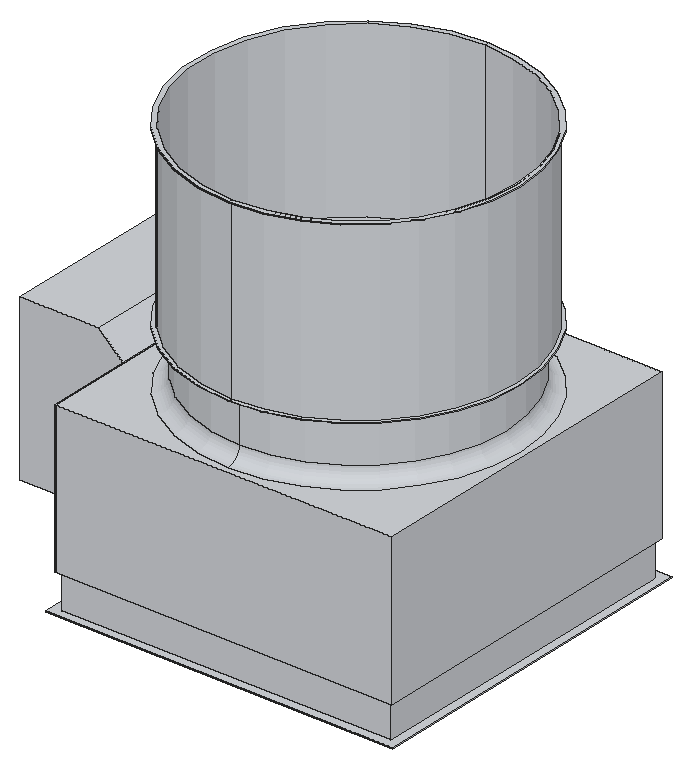
Revit family "LXULMO", category Mechanical Equipment, Revit 2019
Family settings
  Round Connector Dimension = Use Diameter
  Part Type = Normal
  Work Plane-Based = No
  Always vertical = Yes
  Cut with Voids When Loaded = No
  Shared = No
  Room Calculation Point = No
Parameters (values of type "60_LXULMO")
  T_SQ/4 = T_SQ / 4  # 17 29/32"
  RO = T_SQ - 4 1/2"  # 67 1/8"
  Unit Weight [instance] = ""
  T_SQ/2 = T_SQ / 2  # 35 13/16"
  T_SQ = 71 5/8"
  Sones [instance] = ""
  RO/2 = RO / 2  # 33 9/16"
  Motor RPM [instance] = ""
  Motor Enclosure [instance] = ""
  ModelID [instance] = ""
  LwA [instance] = ""
  Fan RPM [instance] = ""
  CH [instance] = if(CURB, CURB_HEIGHT, 0")  # 9 1/2"
  BASE_LOCATION [instance] = if(CURB, CURB_HEIGHT - 2", 0")  # 7 1/2"
  B = 32"
  CURB_HEIGHT [instance] = 9 1/2"
  CURB [instance] = yes
  WB HEIGHT = C / 4 * 3  # 38 1/16"
  C/2 = C / 2  # 25 3/8"
  C = 50 3/4"
  Accessories [instance] = ""
  D/2 = D / 2  # 33 5/8"
  D = 67 1/4"
  A = 93 11/16"
  3" = 3"  # constant formula
  Brake Hp [instance] = ""
  4" = 4"  # constant formula
  2' = 24"
  2" = 2"  # constant formula
  1' = 12"  # constant formula
  1" = 1"  # constant formula
  0 = 0"  # constant formula
  Voltage [instance] = 0 V
  URL = "www.lorencook.com"
  Type Comments = "Upblast Exhaust Ventilator Low Pressure X-Stream Propeller Roof Mounted/Belt Drive"  # constant formula
  Static Pressure [instance] = 0.00 in-wg
  Power [instance] = Voltage * Motor FLA * sqrt(if(Phase = 3, 3, 1))  # 0 VA
  Phase [instance] = 0
  Number of Poles [instance] = 1
  Motor Hp [instance] = "0"
  Motor FLA [instance] = 0 A
  Model = "LXULMO"  # constant formula
  Manufacturer = "Loren Cook Company"
  CFM [instance] = 0 CFM
  1.5 = 1 1/2"  # constant formula
  ONE EIGTH = 1/8"  # constant formula
  -T_SQ/4 = -T_SQ / 4  # -17 29/32"
  -D+4" = -21"
  -D+2" = -23"
  -D = -25"
  (T_SQ/2)+.125" = (T_SQ / 2) + 1/8"  # 35 15/16"
  (D/2)-2" = (D / 2) - 2"  # 31 5/8"
Types (9): name | T_SQ/4 | RO | Unit Weight | T_SQ/2 | T_SQ | RO/2 | B | WB HEIGHT | C/2 | C | D/2 | D | A | -T_SQ/4 | -D+4" | -D+2" | -D | (T_SQ/2)+.125" | (D/2)-2"
  (no name) | 17 29/32" | 67 1/8" | "" | 35 13/16" | 71 5/8" | 33 9/16" | 32" | 38 1/16" | 25 3/8" | 50 3/4" | 33 5/8" | 67 1/4" | 93 11/16" | -17 29/32" | -21" | -23" | -25" | 35 15/16" | 31 5/8"
  20_LXULMO | 7 29/32" | 27 1/8" | "250" | 15 13/16" | 31 5/8" | 13 9/16" | 22" | 18 27/32" | 12 9/16" | 25 1/8" | 13 5/8" | 27 1/4" | 44 13/16" | -7 29/32" | -15" | -17" | -19" | 15 15/16" | 11 5/8"
  24_LXULMO | 8 29/32" | 31 1/8" | "" | 17 13/16" | 35 5/8" | 15 9/16" | 22" | 20 1/16" | 13 3/8" | 26 3/4" | 15 5/8" | 31 1/4" | 48 13/16" | -8 29/32" | -14" | -16" | -18" | 17 15/16" | 13 5/8"
  30_LXULMO | 10 13/32" | 37 1/8" | "" | 20 13/16" | 41 5/8" | 18 9/16" | 22" | 25 5/16" | 16 7/8" | 33 3/4" | 18 5/8" | 37 1/4" | 54 13/16" | -10 13/32" | -14" | -16" | -18" | 20 15/16" | 16 5/8"
  36_LXULMO | 11 29/32" | 43 1/8" | "" | 23 13/16" | 47 5/8" | 21 9/16" | 24" | 28 1/2" | 19" | 38" | 21 5/8" | 43 1/4" | 64 13/16" | -11 29/32" | -14" | -16" | -18" | 23 15/16" | 19 5/8"
  42_LXULMO | 13 13/32" | 49 1/8" | "" | 26 13/16" | 53 5/8" | 24 9/16" | 24" | 34 25/32" | 23 3/16" | 46 3/8" | 24 5/8" | 49 1/4" | 70 11/16" | -13 13/32" | -14" | -16" | -18" | 26 15/16" | 22 5/8"
  48_LXULMO | 14 29/32" | 55 1/8" | "" | 29 13/16" | 59 5/8" | 27 9/16" | 24" | 37 7/32" | 24 13/16" | 49 5/8" | 27 5/8" | 55 1/4" | 76 11/16" | -14 29/32" | -17" | -19" | -21" | 29 15/16" | 25 5/8"
  54_LXULMO | 16 13/32" | 61 1/8" | "" | 32 13/16" | 65 5/8" | 30 9/16" | 28" | 36" | 24" | 48" | 30 5/8" | 61 1/4" | 83 11/16" | -16 13/32" | -21" | -23" | -25" | 32 15/16" | 28 5/8"
  60_LXULMO | 17 29/32" | 67 1/8" | "" | 35 13/16" | 71 5/8" | 33 9/16" | 32" | 38 1/16" | 25 3/8" | 50 3/4" | 33 5/8" | 67 1/4" | 93 11/16" | -17 29/32" | -21" | -23" | -25" | 35 15/16" | 31 5/8"
Reference planes (in)
  plane 1 "Center (Front/Back)": y = 0
  plane 2: z = 0
  plane 3 "Center (Left/Right)": x = 0.40541
  plane 4: z = 9.5
  plane 5: z = 7.5
Forms (in)
  Extrusion 1, solid
    sketch origin (-23.38441, -180, 7.5) x (-1, 0, 0) y (0, -1, 0)
      loop
        line (12.14767, -215.9375) -> (12.14767, -144.0625) -> (-59.72733, -144.0625) -> (-59.72733, -215.9375) -> (12.14767, -215.9375)
    from 0 to 32 <- "B"
  Extrusion 2, void
    sketch origin (-23.38441, -180, 39.5) x (0, -1, 0) y (-1, 0, 0)
      loop
        line (-215.8125, 12.02267) -> (-215.8125, -59.60233) -> (-144.1875, -59.60233) -> (-144.1875, 12.02267) -> (-215.8125, 12.02267)
    from 0.125 to 32 <- "B"
  Revolve 3, solid
    sketch origin (0.40541, 0, 0) x (0, 1, 0) y (0, 0, 1)
      loop
        line (0, 39.5) -> (0, 54.5) -> (-31.625, 54.5) -> (-31.625, 42.5)
        arc (-31.625, 42.5) -> (-32.50368, 40.37868) -> (-34.625, 39.5) r 3
        line (-34.625, 39.5) -> (0, 39.5)
      axis (0, 39.5) -> (0, 54.5)
    angle from 0 to 360
  Revolve 4, solid
    sketch origin (0.40541, 0, 0) x (0, 1, 0) y (0, 0, 1)
      loop
        line (-34.625, 90.25) -> (-34.625, 90.125) -> (-33.75, 90.125) -> (-33.75, 52.3125) -> (-34.625, 52.3125) -> (-34.625, 52.1875) -> (-33.625, 52.1875) -> (-33.625, 90.25) -> (-34.625, 90.25)
      axis (0, 52.1875) -> (0, 90.25)
    angle from 0 to 360
  Extrusion 5, solid, visible <- "CURB"
    sketch origin (27.16619, -180, 9.5) x (0, -1, 0) y (-1, 0, 0)
      loop
        line (-213.5625, 60.32327) -> (-213.5625, -6.80173) -> (-146.4375, -6.80173) -> (-146.4375, 60.32327) -> (-213.5625, 60.32327)
      loop
        line (-144.9375, -8.30173) -> (-144.9375, 61.82327) -> (-215.0625, 61.82327) -> (-215.0625, -8.30173) -> (-144.9375, -8.30173)
    from 0 to 9.5 <- "CURB_HEIGHT"
  Extrusion 6, solid, visible <- "CURB"
    sketch origin (27.16619, -180, 0) x (1, 0, 0) y (0, -1, 0)
      loop
        line (-61.82327, -215.0625) -> (8.30173, -215.0625) -> (8.30173, -144.9375) -> (-61.82327, -144.9375) -> (-61.82327, -215.0625)
      loop
        line (-63.82327, -217.0625) -> (10.30173, -217.0625) -> (10.30173, -142.9375) -> (-63.82327, -142.9375) -> (-63.82327, -217.0625)
    from 0 to -0.125
  Extrusion 7, solid
    sketch origin (0, 0, 0) x (1, 0, 0) y (0, 0, 1)
      loop
        line (-35.53209, 9.5) -> (-35.53209, 39.5) -> (-40.53209, 44.5) -> (-57.34459, 44.5) -> (-57.34459, 9.5) -> (-35.53209, 9.5)
    from 17.90625 <- "T_SQ/4" to -17.90625 <- "-T_SQ/4"
  Extrusion 8, solid
    sketch origin (27.16619, -180, 9.5) x (0, -1, 0) y (-1, 0, 0)
      loop
        line (-215.8125, 62.57327) -> (-215.8125, -9.05173) -> (-144.1875, -9.05173) -> (-144.1875, 62.57327) -> (-215.8125, 62.57327)
      loop
        line (-144.9375, -8.30173) -> (-144.9375, 61.82327) -> (-215.0625, 61.82327) -> (-215.0625, -8.30173) -> (-144.9375, -8.30173)
    from 0 to -0.125
Cuts and joins
  Extrusion 2 cuts Extrusion 1
Dimensions and locks (in)
  "(T_SQ/2)+.125"": Extrusion 1 sketch curve to plane 3 "Center (Left/Right)"
  "(T_SQ/2)+.125"": plane 3 "Center (Left/Right)" to Extrusion 1 sketch curve
  "(T_SQ/2)+.125"": plane 1 "Center (Front/Back)" to Extrusion 1 sketch curve
  "(T_SQ/2)+.125"": Extrusion 1 sketch curve to plane 1 "Center (Front/Back)"
  "T_SQ/2": Extrusion 2 sketch curve to plane 3 "Center (Left/Right)"
  "T_SQ/2": plane 3 "Center (Left/Right)" to Extrusion 2 sketch curve
  "T_SQ/2": plane 1 "Center (Front/Back)" to Extrusion 2 sketch curve
  "T_SQ/2": Extrusion 2 sketch curve to plane 1 "Center (Front/Back)"
  "(D/2)-2"": plane 1 "Center (Front/Back)" to Revolve 3 sketch curve
  "1'": Revolve 3 sketch curve to Revolve 3 sketch curve
  "0": Revolve 3 sketch curve to cut or joined group of Extrusion 1, Extrusion 2
  "0": Revolve 3 sketch curve to plane 1 "Center (Front/Back)"  (x2)
  "D/2": plane 1 "Center (Front/Back)" to Revolve 4 sketch curve
  "ONE EIGTH": Revolve 4 sketch curve to Revolve 4 sketch curve  (x3)
  "C": Revolve 4 sketch curve to cut or joined group of Extrusion 1, Extrusion 2
  "1"": Revolve 4 sketch curve to Revolve 4 sketch curve  (x2)
  "WB HEIGHT": Revolve 4 sketch curve to Revolve 4 sketch curve
  "0": Revolve 4 sketch curve to plane 1 "Center (Front/Back)"
  "1.5": Extrusion 5 sketch curve to Extrusion 5 sketch curve  (x4)
  "RO/2": Extrusion 5 sketch curve to plane 3 "Center (Left/Right)"
  "RO/2": plane 3 "Center (Left/Right)" to Extrusion 5 sketch curve
  "RO/2": plane 1 "Center (Front/Back)" to Extrusion 5 sketch curve
  "RO/2": Extrusion 5 sketch curve to plane 1 "Center (Front/Back)"
  "0": Extrusion 5 to Extrusion 6 sketch curve  (x2)
  "0": Extrusion 6 sketch curve to Extrusion 5  (x2)
  "CH": plane 4 to level
  "BASE_LOCATION": plane 5 to level
  locked: Extrusion 7 sketch curve to plane 5 at 2
  "A": cut or joined group of Extrusion 1, Extrusion 2 to Extrusion 7 sketch curve
  "2"": Extrusion 6 sketch curve to Extrusion 6 sketch curve  (x4)
  "3"": radius of Revolve 3 sketch curve
  aligned and locked: Extrusion 7 sketch curve to cut or joined group of Extrusion 1, Extrusion 2
  aligned and locked: cut or joined group of Extrusion 1, Extrusion 2 to Extrusion 7 sketch curve
  aligned and locked: Extrusion 8 sketch curve to cut or joined group of Extrusion 1, Extrusion 2  (x4)
  aligned and locked: Extrusion 8 sketch curve to Extrusion 5  (x4)
Automatic sketch dimensions
  Revolve 3 sketch curve to Revolve 3 sketch curve = 0"
  Revolve 3 sketch curve to Revolve 3 sketch curve = 2 1/4"
  Revolve 4 sketch curve to Revolve 4 sketch curve = 1 3/4"
  Revolve 4 sketch curve to Revolve 4 sketch curve = 2"
  Extrusion 7 sketch curve to Extrusion 7 sketch curve = 5"  (x2)
Connectors (in)
  hvac at (0.40541, 0, 9.5), driven by "CFM", driven by "RO", driven by "RO"
    settings: on Extrusion 8, index 4, duct flow 0 CFM, flow factor 0, pres drop 0.00 in-wg, loss coef 0, conn angle 0.00°, conn width 67 1/8", conn height 67 1/8", conn diameter 24", duct sys type 3, conn prof type 1, flow config 0, flow direction 1, loss method 0, conn ref index -1, conn util no, is conn primary yes, conn desc ""
  electrical at (-46.43834, 0, 9.5), driven by "Number of Poles", driven by "Voltage", driven by "Power"
    settings: on Extrusion 7, index 5, voltage 0 V, apparent load 0 VA, apparent load phase1 0 VA, apparent load phase2 0 VA, apparent load phase3 0 VA, power factor 1, load classification "Other", number of poles 1, system type 30, power factor state 1, is connector primary yes, connector utility no, sub classification motor no, connector description ""
